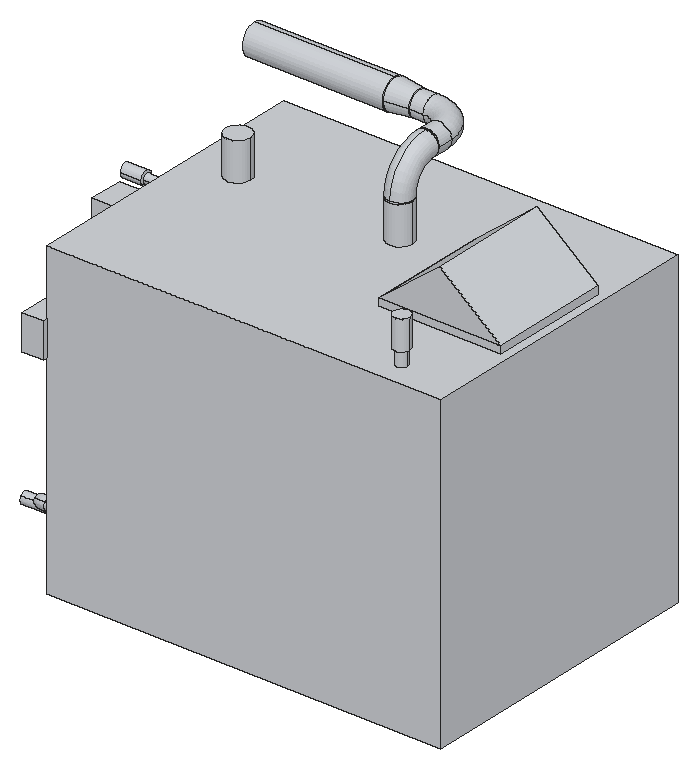
Revit family "AMP_BFIT 1000-1250 Boiler 1", category Mechanical Equipment, Revit 2021
Family settings
  Round Connector Dimension = Use Diameter
  Part Type = Normal
  OmniClass Number = 23.75.00.00
  OmniClass Title = Climate Control (HVAC)
  Work Plane-Based = No
  Always vertical = Yes
  Cut with Voids When Loaded = No
  Shared = No
  Room Calculation Point = No
Parameters (values of type "AMP/BFIT 1000-1250 Boiler")
  Width = 34 1/4"
  Length = 45 1/2"
  Height = 36 1/8"
  Voltage = ""
  Vent = "8\" EZ Vent"
  Manufacturer = "Bryan Steam"  # constant formula
  Hydronic Supply = "3\" Victaulic"
  Hydronic Return = "2-1/2\" Victaulic"
  Gas Train = "1\" NPT"
  Default Elevation = 0"
  Condensate Trap = "1\" Pipe"
  Boiler Drain = "3/4\" NPT"
  Air Supply = "8\""
Reference planes (in)
  plane 1 "Center (Front/Back)": y = 0
  plane 2: z = 0
  plane 3 "Center (Left/Right)": x = 0
  plane 4 "Vent": y = 3.75
  plane 5 "Condensate Trap": y = -12
  plane 6 "Supply 2.5" Victualic Elbow Style 10": x = 1.375
  plane 7 "3" Supply Manifold": z = 44.375
  plane 8 "3" Supply Elbow Victaulic Style 10": y = 12.875
  plane 9 "Condensate Height": z = 5.75
  plane 10 "Condensate Angle": through (0, -12, 5.75) normal (0, -0.6203, -0.7843)
Forms (in)
  Extrusion 1, solid
    sketch origin (0, 0, 0) x (1, 0, 0) y (0, 1, 0)
      loop
        line (-22.75, 17.125) -> (-22.75, -17.125) -> (22.75, -17.125) -> (22.75, 17.125) -> (-22.75, 17.125)
    from 0 to 36.125
  Extrusion 2, solid
    sketch origin (0, 0, 36.125) x (1, 0, 0) y (0, 1, 0)
      loop
        line (7.5915, 6.875) -> (7.5915, -7.125) -> (21.6875, -7.125) -> (21.6875, 6.875) -> (7.5915, 6.875)
    from 0 to 0.85156
  Extrusion 3, solid
    sketch origin (20.62641, -7.125, 36.125) x (-1, 0, 0) y (0, 0, -1)
      loop
        line (13.03491, -0.85156) -> (-1.06109, -0.85156) -> (5.98691, -6.57727) -> (13.03491, -0.85156)
    from 0 to -14
  Extrusion 4, solid
    sketch origin (0, 0, 36.125) x (1, 0, 0) y (0, 1, 0)
      loop
        circle (-17.375, 3.75) r 1.4375
      loop
        circle (1.375, 3.75) r 1.4375
    from 0 to 4.375
  Extrusion 5, solid
    sketch origin (-22.75, -17.125, 0) x (0, 1, 0) y (0, 0, -1)
      loop
        circle (28.125, -11.125) r 3.9375
      loop
        circle (28.125, -11.125) r 3.71875
    from 0 to 6.25
  Revolve 6, solid
    sketch origin (0, 3.75, 0) x (-1, 0, 0) y (0, 0, 1)
      loop
        line (22.51199, 22.79206) -> (31.25, 23.25) -> (31.03961, 27.26449) -> (22.3016, 26.80655) -> (22.51199, 22.79206)
      axis (31.25, 23.25) -> (22.51199, 22.79206)
    angle from 0 to 360
  Sweep 7, solid
    path origin (1.375, 0, 0) x (0, 1, 0) y (0, 0, 1)
      loop
        line (3.72786, 40.5) -> (3.72786, 40.65)
        arc (3.72786, 40.65) -> (4.82621, 43.30165) -> (7.47786, 44.4) r 3.75
        line (7.47786, 44.4) -> (7.62786, 44.4)
    profile origin (1.375, 3.72786, 40.575) x (0, -1, 0) y (1, 0, 0)
      loop
        circle (0, 0) r 1.41931
  Sweep 8, solid
    path origin (0, 0, 44.375) x (1, 0, 0) y (0, 1, 0)
      loop
        line (1.375, 7.62786) -> (1.375, 9.37786)
        arc (1.375, 9.37786) -> (0.34987, 11.85273) -> (-2.125, 12.87786) r 3.5
        line (-2.125, 12.87786) -> (-3.75, 12.87786)
    profile origin (1.375, 8.50286, 44.375) x (-1, 0, 0) y (0, 0, 1)
      loop
        circle (0, 0) r 1.42969
  SweptBlend 9, solid
    path origin (0, 0, 44.375) x (1, 0, 0) y (0, 1, 0)
      loop
        line (-3.75, 12.75286) -> (-6.55, 12.75286)
    profile origin (-3.75, 12.75286, 44.375) x (0, -1, 0) y (0, 0, 1)
      loop
        circle (-0.125, 0) r 1.42969
    end profile origin (-6.55, 12.75286, 44.375) x (0, -1, 0) y (0, 0, 1)
      loop
        circle (-0.125, 0) r 1.75
  Extrusion 10, solid
    sketch origin (-6.55, 12.87786, 44.375) x (0, 0, -1) y (0, -1, 0)
      loop
        circle (0, -0.00256) r 1.75249
    from 0 to 16.19922
  Extrusion 11, solid
    sketch origin (-22.75, -17.125, 0) x (0, 1, 0) y (0, 0, -1)
      loop
        line (13.595, -35.9375) -> (13.595, -31.9375) -> (9.595, -31.9375) -> (9.595, -35.9375) -> (13.595, -35.9375)
      loop
        line (3.5, -28.5) -> (3.5, -24.5) -> (-0.5, -24.5) -> (-0.5, -28.5) -> (3.5, -28.5)
    from 0 to 2.48047
  Extrusion 12, solid
    sketch origin (-22.75, -17.125, 0) x (0, 1, 0) y (0, 0, -1)
      loop
        circle (20.875, -32.125) r 0.525
    from 0 to 5.25
  Extrusion 13, solid
    sketch origin (0, 0, 36.125) x (1, 0, 0) y (0, 1, 0)
      loop
        circle (15.875, -14.125) r 0.6575
    from 0 to 1.75
  Extrusion 14, solid
    sketch origin (0, 0, 37.875) x (1, 0, 0) y (0, 1, 0)
      loop
        circle (15.875, -14.125) r 0.9375
    from 0 to 3.375
  Extrusion 15, solid
    sketch origin (-28, -17.125, 0) x (0, 1, 0) y (0, 0, -1)
      loop
        circle (20.875, -32.125) r 0.75
    from 0 to 2.375
  Sweep 16, solid
    path origin (0, -0.99678, -2.9523) x (0, -0.784343, 0.620327) y (-1, 0, 0)
      loop
        line (14.039, 22.75) -> (14.039, 26.6875)
        arc (14.039, 26.6875) -> (13.59966, 27.74816) -> (12.539, 28.1875) r 1.5
        line (12.539, 28.1875) -> (9.664, 28.1875)
        arc (9.664, 28.1875) -> (8.60334, 28.62684) -> (8.164, 29.6875) r 1.5
        line (8.164, 29.6875) -> (8.164, 33.125)
    profile origin (-24.71875, -12.00818, 5.75647) x (0, 0.784343, -0.620327) y (0, -0.620327, -0.784343)
      loop
        circle (0, 0) r 0.6575
  Extrusion 17, solid
    sketch origin (-22.75, -17.125, 0) x (0, 1, 0) y (0, 0, -1)
      loop
        line (33.9375, -16.9375) -> (33.9375, -5.3125) -> (22.3125, -5.3125) -> (22.3125, -16.9375) -> (33.9375, -16.9375)
    from 0 to 4.625
Dimensions and locks (in)
  "Height": Extrusion 1 to level
  equal spacing: Extrusion 1 sketch curve, plane 3 "Center (Left/Right)", Extrusion 1 sketch curve
  "Length": Extrusion 1 sketch curve to Extrusion 1 sketch curve
  equal spacing: Extrusion 1 sketch curve, plane 1 "Center (Front/Back)", Extrusion 1 sketch curve
  "Width": Extrusion 1 sketch curve to Extrusion 1 sketch curve
  locked: Extrusion 2 sketch curve to Extrusion 1 at 1.0625
  locked: Extrusion 2 sketch curve to Extrusion 2 sketch curve at 14.096
  locked: Extrusion 2 sketch curve to Extrusion 2 sketch curve at 14
  locked: Extrusion 2 sketch curve to Extrusion 1 at 10
  locked: Extrusion 1 to Extrusion 4 sketch curve at 13.375  (x2)
  equal spacing: Extrusion 1, Extrusion 4 sketch curve, Extrusion 4 sketch curve
  locked: Extrusion 4 sketch curve to Extrusion 4 sketch curve at 18.75
  locked: Extrusion 1 to Extrusion 5 sketch curve at 11.125  (x2)
  locked: Extrusion 1 to Extrusion 5 sketch curve at 6.125
  locked: Extrusion 1 to Revolve 6 sketch curve at 23.25
  locked: Revolve 6 sketch curve to Extrusion 1 at 8.5
  locked: Sweep 7 sketch curve to Sweep 7 sketch curve at 3.9  (x2)
  locked: level to plane 7 "3" Supply Manifold" at 44.375
  Sweep 8 sketch curve to Sweep 7 = 5 1/4"
  Sweep 8 sketch curve to Sweep 8 sketch curve = 5 1/8"
  locked: SweptBlend 9 sketch curve to SweptBlend 9 sketch curve at 2.8
  SweptBlend 9 sketch curve to Sweep 8 = 0"
  locked: plane 3 "Center (Left/Right)" to plane 6 "Supply 2.5" Victualic Elbow Style 10" at 1.375
  locked: plane 8 "3" Supply Elbow Victaulic Style 10" to plane 1 "Center (Front/Back)" at 12.875
  locked: plane 4 "Vent" to plane 1 "Center (Front/Back)" at 3.75
  locked: plane 5 "Condensate Trap" to plane 1 "Center (Front/Back)" at 12
  locked: Extrusion 11 sketch curve to Extrusion 11 sketch curve at 4  (x4)
  locked: Extrusion 1 to Extrusion 12 sketch curve at 32.125
  locked: Extrusion 1 to Extrusion 12 sketch curve at 13.9
  locked: Extrusion 13 sketch curve to Extrusion 1 at 6.875
  locked: Extrusion 1 to Extrusion 13 sketch curve at 3
  locked: Extrusion 14 sketch curve to Extrusion 1 at 6.875
  locked: Extrusion 1 to Extrusion 14 sketch curve at 3
  locked: Extrusion 1 to Extrusion 15 sketch curve at 13.375
  locked: Extrusion 1 to Extrusion 15 sketch curve at 4
  locked: plane 9 "Condensate Height" to level at 5.75
  locked: Sweep 16 sketch curve to Extrusion 1 at 5.4375
  locked: Sweep 16 sketch curve to Extrusion 1 at 10.375
  locked: Sweep 16 sketch curve to Sweep 16 sketch curve at 5.875
  locked: Extrusion 17 sketch curve to Extrusion 17 sketch curve at 11.625  (x2)
  locked: Extrusion 17 sketch curve to Extrusion 1 at 5.3125
  locked: Extrusion 1 to Extrusion 17 sketch curve at 0.3125
  diameter of Extrusion 12 sketch curve = 1.05"
  diameter of Extrusion 13 sketch curve = 1.315"
  diameter of Extrusion 14 sketch curve = 1 7/8"
  diameter of Extrusion 15 sketch curve = 1 1/2"
  diameter of Sweep 16 sketch curve = 1.315"
  diameter of Extrusion 5 sketch curve = 7 7/16"
  diameter of Extrusion 5 sketch curve = 7 7/8"
  locked: Extrusion 1 to Revolve 6 sketch curve (angle 3.00°)
  locked: plane 9 "Condensate Height" to plane 10 "Condensate Angle" (angle 38.34°)
  aligned and locked: level to plane 2
Automatic sketch dimensions
  Extrusion 3 sketch curve to Extrusion 2 = 0"  (x3)
  Extrusion 3 sketch curve to Extrusion 2 = 7.048"
  Extrusion 3 sketch curve to Extrusion 2 = 5.72571"
  Extrusion 4 sketch curve to Extrusion 1 = 5 3/8"
  Extrusion 5 sketch curve to Extrusion 5 sketch curve = 0"
  level to Revolve 6 sketch curve = 27.26449"
  Revolve 6 sketch curve to Revolve 6 sketch curve = 8.73801"
  Revolve 6 sketch curve to plane 3 "Center (Left/Right)" = 3.53803"
  Revolve 6 sketch curve to Revolve 6 sketch curve = 0"  (x2)
  Revolve 6 sketch curve to Revolve 6 sketch curve = 0.99438"
  Sweep 7 sketch curve to plane 4 "Vent" = 0.02214"
  plane 4 "Vent" to Sweep 7 sketch curve = 3.72786"
  Sweep 7 sketch curve to plane 6 "Supply 2.5" Victualic Elbow Style 10" = 0"
  Sweep 7 sketch curve to profile plane = 0"
  Sweep 8 sketch curve to plane 6 "Supply 2.5" Victualic Elbow Style 10" = 0"
  Sweep 8 sketch curve to Sweep 8 sketch curve = 1 5/8"
  Sweep 8 sketch curve to Sweep 8 sketch curve = 1 3/4"
  Sweep 8 sketch curve to plane 7 "3" Supply Manifold" = 0"
  Sweep 8 sketch curve to profile plane = 0"
  plane 4 "Vent" to SweptBlend 9 sketch curve = 9.00286"
  SweptBlend 9 sketch curve to plane 7 "3" Supply Manifold" = 0"  (x2)
  profile plane to SweptBlend 9 sketch curve = 1/8"  (x2)
  Sweep 7 sketch curve to plane 7 "3" Supply Manifold" = 3.725"
  Extrusion 1 to Extrusion 11 sketch curve = 1/2"
  Extrusion 1 to Extrusion 11 sketch curve = 3/16"
  Extrusion 11 sketch curve to Extrusion 1 = 9.595"
  Extrusion 11 sketch curve to Extrusion 11 sketch curve = 3 7/16"
  plane 10 "Condensate Angle" to Sweep 16 sketch curve = 0"
  Sweep 16 sketch curve to profile plane = 0"
  Sweep 16 sketch curve to plane 3 "Center (Left/Right)" = 29 11/16"
  Sweep 16 sketch curve to Sweep 16 sketch curve = 1 1/2"
  Sweep 16 sketch curve to Sweep 16 sketch curve = 3 15/16"
  radius of Extrusion 4 sketch curve = 1 7/16"  (x2)
  radius of Sweep 7 sketch curve = 1.41931"
  radius of Sweep 8 sketch curve = 1 55/128"
  radius of Extrusion 10 sketch curve = 1.75249"
  radius of SweptBlend 9 sketch curve = 1 55/128"
  radius of SweptBlend 9 sketch curve = 1 3/4"
Connectors (in)
  piping at (-17.375, 3.75, 40.5), diameter 2.5
    settings: on Extrusion 4, index 2, connector inside diameter 24", connector length 0", flow factor 0, pipe flow 0 GPM, pressure drop 0.00 psi, fitting loss kfactor 0, connector angle 0.00°, fixture units 0, engagement length 0", angle of deflection 0.00°, flow configuration 0, flow direction 1, fitting loss method 0, system type 8, joint type 0, gender type 0, connector reference index -1, connector utility 0, adjustable connector no, is connector primary yes, connector description ""
  piping at (-29, 11, 11.125), diameter 8
    settings: on Extrusion 5, index 4, connector inside diameter 24", connector length 0", flow factor 0, pipe flow 0 GPM, pressure drop 0.00 psi, fitting loss kfactor 0, connector angle 0.00°, fixture units 0, engagement length 0", angle of deflection 0.00°, flow configuration 0, flow direction 1, fitting loss method 0, system type 22, joint type 0, gender type 0, connector reference index -1, connector utility 0, adjustable connector no, is connector primary no, connector description ""
  piping at (-31.25, 3.75, 23.25), diameter 8
    settings: on Revolve 6, index 7, connector inside diameter 24", connector length 0", flow factor 0, pipe flow 0 GPM, pressure drop 0.00 psi, fitting loss kfactor 0, connector angle 0.00°, fixture units 0, engagement length 0", angle of deflection 0.00°, flow configuration 0, flow direction 2, fitting loss method 0, system type 17, joint type 0, gender type 0, connector reference index -1, connector utility 0, adjustable connector no, is connector primary no, connector description ""
  piping at (-22.74922, 12.88041, 44.375), diameter 3
    settings: on Extrusion 10, index 9, connector inside diameter 24", connector length 0", flow factor 0, pipe flow 0 GPM, pressure drop 0.00 psi, fitting loss kfactor 0, connector angle 0.00°, fixture units 0, engagement length 0", angle of deflection 0.00°, flow configuration 0, flow direction 2, fitting loss method 0, system type 7, joint type 0, gender type 0, connector reference index -1, connector utility 0, adjustable connector no, is connector primary no, connector description ""
  piping at (15.875, -14.125, 41.25), diameter 1
    settings: on Extrusion 14, index 11, connector inside diameter 24", connector length 0", flow factor 0, pipe flow 0 GPM, pressure drop 0.00 psi, fitting loss kfactor 0, connector angle 0.00°, fixture units 0, engagement length 0", angle of deflection 0.00°, flow configuration 0, flow direction 1, fitting loss method 0, system type 22, joint type 0, gender type 0, connector reference index -1, connector utility 0, adjustable connector no, is connector primary no, connector description ""
  piping at (-30.375, 3.75, 32.125), diameter 0.75
    settings: on Extrusion 15, index 12, connector inside diameter 24", connector length 0", flow factor 0, pipe flow 0 GPM, pressure drop 0.00 psi, fitting loss kfactor 0, connector angle 0.00°, fixture units 0, engagement length 0", angle of deflection 0.00°, flow configuration 0, flow direction 2, fitting loss method 0, system type 22, joint type 0, gender type 0, connector reference index -1, connector utility 0, adjustable connector no, is connector primary no, connector description ""
  piping at (-33.125, -7.40016, 2.11205), diameter 1
    settings: on Sweep 16, index 13, connector inside diameter 24", connector length 0", flow factor 0, pipe flow 0 GPM, pressure drop 0.00 psi, fitting loss kfactor 0, connector angle 0.00°, fixture units 0, engagement length 0", angle of deflection 0.00°, flow configuration 0, flow direction 2, fitting loss method 0, system type 22, joint type 0, gender type 0, connector reference index -1, connector utility 0, adjustable connector no, is connector primary no, connector description ""
